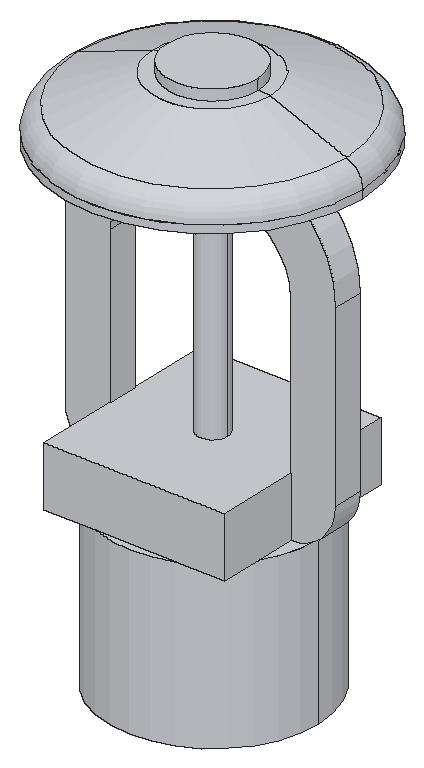
Revit family
Parameters (values of type "RASCO F156 UPRIGHT")
  URL = ""
  Temperature Rating = 175 °F
  Response = (empty or 0)
  RASCO SIN # = "RA1325"
  RASCO Part # = "F56U5B"
  Pressure Rating = "175 PSI"
  Pressure Class = (empty or 0)
  Orifice Size = 1/2"
  Orifice = (empty or 0)
  Model = "F156"
  Manufacturer = "RASCO"
  K-Factor = 5.6
  Description = "Bronze Finish"
  Coverage = (empty or 0)
Reference planes (in)
  plane 1 "Center (Front/Back)": y = 0
  plane 2: z = 0
  plane 3 "Center (Left/Right)": x = 0
Nested families (in)
  nested 1: "F56U5B" at (-0.85922, -0.5934, 0), type "RASCO F156 UPRIGHT"
Connectors (in)
  piping at (-0.85922, -0.5934, 0)
    settings: on nested 1, index 1, connector radius 55/128", flow factor 0, pipe flow 0 GPM, pressure drop 0.00 psi, fitting loss kfactor 0, connector angle 0.00°, fixture units 0, flow configuration 0, flow direction 0, fitting loss method 0, system type 7, connector reference index -1, connector utility 0, adjustable connector no, is connector primary yes, fitting loss table "", connector description ""
Definition of nested family "F56U5B"
  Parameters (values of type "RASCO F156 UPRIGHT")
    Type Comments = ""
    Temperature Rating = 0 °F
    Response = (empty or 0)
    Pressure Rating = "0"
    Pressure Class = (empty or 0)
    Orifice Size = 0"
    Orifice = (empty or 0)
    Model = ""
    Manufacturer = ""
    K-Factor = 0
    Description = ""
    Coverage = (empty or 0)
    Assembly Code = ""
  Reference planes (in)
    plane 1 "Center (Front/Back)": y = 0
    plane 2: z = 0
    plane 3 "ref.2": z = 0.6875
    plane 4 "ref.3": z = 0.9375
    plane 5: x = -0.38065
    plane 6: x = 0.36935
    plane 7 "ref. side 1": y = 0.06402
    plane 8 "ref. side 2": y = -0.06098
    plane 9 "ref.4": z = 1.875
    plane 10 "ref.5": z = 2.3125
    plane 11 "ref.6": z = 2.4375
  Forms (in)
    Extrusion 1, solid
      sketch origin (0, 0, 0) x (1, 0, 0) y (0, 1, 0)
        loop
          circle (0, 0) r 0.4375
      from 0 to 0.6875
    Extrusion 2, solid
      sketch origin (-0.12185, 0.05177, 0.6875) x (1, 0, 0) y (0, 1, 0)
        loop
          line (-0.2588, 0.356) -> (-0.2588, -0.4565) -> (0.4912, -0.4565) -> (0.4912, 0.356) -> (-0.2588, 0.356)
      from 0 to 0.25
    Extrusion 3, solid
      sketch origin (0, 0, 0) x (1, 0, 0) y (0, 0, 1)
        loop
          line (-0.38065, 0.68754) -> (-0.38065, 1.58397)
          arc (-0.38065, 1.58397) -> (-0.29541, 1.78976) -> (-0.08962, 1.875) r 0.29103
          line (-0.08962, 1.875) -> (0.07524, 1.875)
          arc (0.07524, 1.875) -> (0.28321, 1.78886) -> (0.36935, 1.58089) r 0.29411
          line (0.36935, 1.58089) -> (0.36935, 0.68751)
          arc (0.36935, 0.68751) -> (0.50207, 0.74393) -> (0.55685, 0.87734) r 0.18984
          line (0.55685, 0.87734) -> (0.55685, 1.61676)
          arc (0.55685, 1.61676) -> (0.42629, 1.93194) -> (0.11111, 2.0625) r 0.44574
          line (0.11111, 2.0625) -> (-0.12259, 2.0625)
          arc (-0.12259, 2.0625) -> (-0.43765, 1.932) -> (-0.56815, 1.61694) r 0.44556
          line (-0.56815, 1.61694) -> (-0.56815, 0.87876)
          arc (-0.56815, 0.87876) -> (-0.51345, 0.74486) -> (-0.38065, 0.68754) r 0.19126
      from -0.06402 to 0.06098
    Extrusion 4, solid
      sketch origin (0, 0, 0.9375) x (-1, 0, 0) y (0, -1, 0)
        loop
          circle (0.00574, -0.00152) r 0.0625
      from 0 to 0.9375
    Extrusion 5, solid
      sketch origin (0, 0, 1.875) x (-1, 0, 0) y (0, -1, 0)
        loop
          circle (0.00574, -0.00152) r 0.1875
      from 0 to 0.4375
    Revolve 6, solid
      sketch origin (0, 0, -0.31276) x (1, 0, 0) y (0, 0, 1)
        loop
          line (-0.19324, 2.33367) -> (-0.19324, 2.58367) -> (-0.24995, 2.58367) -> (-0.56395, 2.46314)
          arc (-0.56395, 2.46314) -> (-0.61243, 2.42492) -> (-0.63074, 2.36595) r 0.1041
          line (-0.63074, 2.36595) -> (-0.63074, 2.33367) -> (-0.19324, 2.33367)
        axis (-0.00574, 2.33367) -> (-0.00574, 2.58367)
      angle from 0 to 360
  Cuts and joins
    joined: Extrusion 1, Extrusion 2, Extrusion 4, Revolve 6
  Lines and regions (in)
    model lines
      curve 1: line (-0.00574, 0.06402, 1.875) -> (-0.00574, -0.06098, 1.875)
